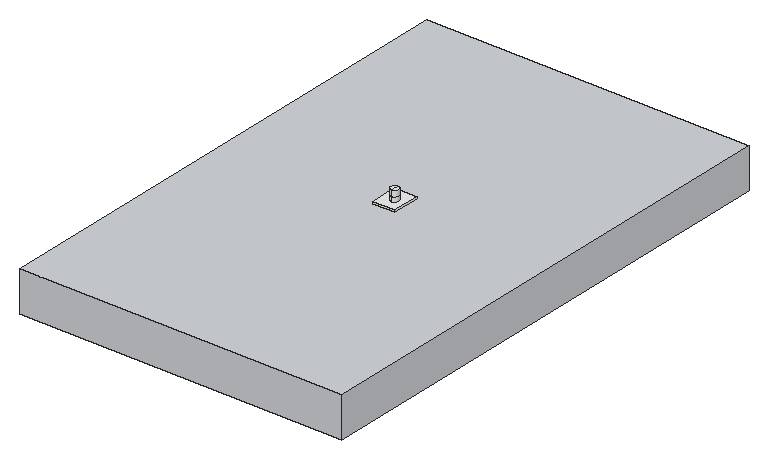
Revit family "Thermostatic_Trim-GROHE-Grohtherm_F-27620000", category Plumbing Fixtures, host Face, Revit 2014
Parameters (values of type "27620000")
  Width = 6 5/8"  # constant formula
  Waste Connection = no
  Warranty Documentation Link = "https://cdn.cloud.grohe.com/tpi/1000/1900/1940/1949/1949006/original/1949006.pdf"
  WFU = 4  # constant formula
  Vent Connection = no
  URL = "https://www.grohe.com"
  Type Comments = ""
  Tempered Connection Radius = Tempered Connection Diameter / 2  # 1/4"
  Tempered Connection Diameter = Hot Water Connection Diameter  # 1/2"
  Product Page URL = "https://www.grohe.us/en_us/grohtherm-f-thermostatic-trim-with-temperature-control-module-27620000.html"
  Price = "Prices may vary. Please consult Manufacturer Representative for most up-to-date price list."  # constant formula
  Model = "27620000"
  Material = "Metal-Grohe-000-Chrome"
  Manufacturer = "Grohe"
  Length = 3 7/16"  # constant formula
  Installation Type = "Wall Mounted"
  Hot Water Connection Radius = Hot Water Connection Diameter / 2  # 1/4"
  Hot Water Connection Diameter = Cold Water Connection Diameter  # 1/2"
  Height = 40"
  HWFU = 3  # constant formula
  HW Connection = yes
  Flow Rate = "14 gpm at 45 psi"  # constant formula
  Finish = Metal-Grohe-000-Chrome
  Description = "Grohtherm F Thermostatic Trim with Temperature Control Module"  # constant formula
  Default Elevation = 44"  # constant formula
  Creation Date = "06/30/2017"  # constant formula
  Cold Water Connection Radius = 1/4"  # constant formula
  Cold Water Connection Diameter = Cold Water Connection Radius * 2  # 1/2"
  CWFU = 3  # constant formula
  CW Connection = yes
  Assembly Code = "D2010710"
Reference planes (in)
  plane 1 "Center (Front/Back)": y = 0
  plane 2: z = 0
  plane 3 "Center (Left/Right)": x = 0
  plane 4: y = 40
  plane 5: y = -18
  plane 6: y = -39
  plane 7: x = -1.21875
  plane 8: x = 1.21875
  plane 9: x = -3.34375
  plane 10: x = 3.34375
  plane 11: z = 0.375
  plane 12: z = 4
  plane 13: y = 1.96875
  plane 14: y = -1.96875
  plane 15: z = 3.38878
  plane 16: z = 0.8125
Forms (in)
  Extrusion 1, solid
    sketch origin (0, 0, 0) x (1, 0, 0) y (0, 1, 0)
      loop
        line (-48, 72) -> (-48, -79.70833) -> (48, -79.70833) -> (48, 72) -> (-48, 72)
    from 0 to -12
  Revolve 2, solid, material "Metal-Grohe-000-Chrome" <- "Finish"
    sketch origin (0, 0, 0) x (0, 1, 0) y (0, 0, 1)
      loop
        line (1.22146, 0.08696) -> (1.22146, 1.85193) -> (1.18503, 1.85193) -> (1.18503, 1.89482) -> (1.22146, 1.89482) -> (1.22146, 3.33058)
        arc (1.22146, 3.33058) -> (0.61281, 3.4061) -> (0, 3.43133) r 7.45471
        line (0, 3.43133) -> (0, 0.08696) -> (1.22146, 0.08696)
      axis (0, 3.43133) -> (0, 0.08696)
    angle from 0 to 360
  Extrusion 3, solid, material "Metal-Grohe-000-Chrome" <- "Finish"
    sketch origin (0, 0, 0) x (1, 0, 0) y (0, 1, 0)
      loop
        line (-3.34375, 4.03828) -> (-3.34375, -4.14922) -> (3.34375, -4.14922) -> (3.34375, 4.03828) -> (-3.34375, 4.03828)
    from 0 to 0.52581
  Extrusion 4, solid, material "Metal-Grohe-000-Chrome" <- "Finish"
    sketch origin (0, 0, 0) x (1, 0, 0) y (0, 0, 1)
      loop
        line (0.19181, 2.62) -> (-0.19086, 2.62)
        arc (-0.19086, 2.62) -> (-0.378, 2.43286) -> (-0.19086, 2.24571) r 0.18714
        line (-0.19086, 2.24571) -> (0.19181, 2.24571)
        arc (0.19181, 2.24571) -> (0.37895, 2.43286) -> (0.19181, 2.62) r 0.18714
    from -1.63774 to 0
  Extrusion 5, solid, material "Metal-Grohe-000-Chrome" <- "Finish"
    sketch origin (0, 0, 0) x (1, 0, 0) y (0, 1, 0)
      loop
        circle (-0.76932, 0) r 0.25
      loop
        circle (0.76932, 0) r 0.25
    from 0 to 0.0625
Cuts and joins
  joined: Revolve 2, Extrusion 3, Extrusion 4, Extrusion 5
Lines and regions (in)
  Masking region 1
    outline origin (0, 0, 0) x (1, 0, 0) y (0, 0, 1)
      loop
        line (3.34375, 0) -> (3.34375, 0.52581) -> (1.22146, 0.52581) -> (1.22146, 1.85193) -> (1.18503, 1.85193) -> (1.18503, 1.89482) -> (1.22146, 1.89482) -> (1.22146, 3.33058)
        arc (1.22146, 3.33058) -> (0, 3.43231) -> (-1.22146, 3.33058) r 7.38391
        line (-1.22146, 3.33058) -> (-1.22146, 1.89482) -> (-1.18503, 1.89482) -> (-1.18503, 1.85193) -> (-1.22146, 1.85193) -> (-1.22146, 0.52581) -> (-3.34375, 0.52581) -> (-3.34375, 0) -> (3.34375, 0)
  symbolic lines, detail levels medium+fine
    curve 1: line (1.22146, 0, 0.52581) -> (-1.22146, 0, 0.52581)
    curve 2: arc (0.19181, 0, 2.24571) -> (0.37895, 0, 2.43286) -> (0.19181, 0, 2.62) r 0.18714
    curve 3: line (0.19181, 0, 2.62) -> (-0.19086, 0, 2.62)
    curve 4: line (-0.19086, 0, 2.24571) -> (0.19181, 0, 2.24571)
    curve 5: arc (-0.19086, 0, 2.62) -> (-0.378, 0, 2.43286) -> (-0.19086, 0, 2.24571) r 0.18714
  symbolic lines, detail levels fine
    curve 6: line (1.18503, 0, 1.89482) -> (-1.18503, 0, 1.89482)
    curve 7: line (1.18503, 0, 1.85193) -> (-1.18503, 0, 1.85193)
Dimensions and locks (in)
  plane 1 "Center (Front/Back)" to plane 5 = 18"
  plane 5 to plane 6 = 21"
  plane 1 "Center (Front/Back)" to plane 4 = 40"
  plane 11 to level = 3/8"
  plane 12 to level = 4"
  level to plane 15 = 3.38878"
  plane 16 to level = 13/16"
  "Hot Water Connection Diameter": diameter of Extrusion 5 sketch curve
  "Cold Water Connection Diameter": diameter of Extrusion 5 sketch curve
  aligned and locked: plane 2 to Extrusion 1
  aligned and locked: level to Extrusion 1
Automatic sketch dimensions
  curve 3 to plane 3 "Center (Left/Right)" = 0.19086"
  plane 3 "Center (Left/Right)" to curve 3 = 0.19181"
  plane 15 to curve 4 = 1.14306"
  curve 5 to curve 5 = 0.18714"
  plane 7 to curve 6 = 0.03372"
  plane 7 to curve 7 = 0.03372"
  curve 1 to plane 7 = 0.00271"
  plane 8 to curve 7 = 0.03372"
  plane 8 to curve 6 = 0.03372"
  curve 1 to plane 8 = 0.00271"
  curve 6 to curve 2 = 0.35089"
  curve 7 to curve 6 = 0.04289"
  curve 1 to plane 16 = 0.28669"
  Extrusion 1 sketch curve to Extrusion 1 sketch curve = 96"
  Extrusion 1 sketch curve to Extrusion 1 sketch curve = 151.70833"
  Revolve 2 sketch curve to plane 1 "Center (Front/Back)" = 0"  (x2)
  Revolve 2 sketch curve to plane 13 = 0.78372"
  Revolve 2 sketch curve to Revolve 2 sketch curve = 0.03643"  (x2)
  Revolve 2 sketch curve to level = 4.02338"
  level to Revolve 2 sketch curve = 0.08696"
  plane 16 to Revolve 2 sketch curve = 1.03943"
  Revolve 2 sketch curve to Revolve 2 sketch curve = 0.04289"
  plane 15 to Revolve 2 sketch curve = 0.0582"
  plane 12 to Revolve 2 sketch curve = 1.99585"
  Revolve 2 sketch curve to Revolve 2 sketch curve = 0.35576"
  Extrusion 3 sketch curve to plane 9 = 0"
  Extrusion 3 sketch curve to plane 10 = 0"
  plane 14 to Extrusion 3 sketch curve = 2.18047"
  plane 13 to Extrusion 3 sketch curve = 2.06953"
  Extrusion 4 sketch curve to plane 3 "Center (Left/Right)" = 0.19086"
  plane 3 "Center (Left/Right)" to Extrusion 4 sketch curve = 0.19181"
  plane 15 to Extrusion 4 sketch curve = 1.14306"
  Extrusion 4 sketch curve to Extrusion 4 sketch curve = 0.18714"
  Masking region 1 sketch curve to level = 0"
  Masking region 1 sketch curve to plane 9 = 0"
  Masking region 1 sketch curve to plane 3 "Center (Left/Right)" = 0"
  plane 10 to Masking region 1 sketch curve = 0"
  Masking region 1 sketch curve to plane 7 = 0.00271"  (x2)
  plane 7 to Masking region 1 sketch curve = 0.03372"
  plane 8 to Masking region 1 sketch curve = 0.03372"
  Masking region 1 sketch curve to plane 8 = 0.00271"  (x2)
  Masking region 1 sketch curve to level = 3.9516"
  Masking region 1 sketch curve to plane 16 = 0.28669"  (x2)
  plane 16 to Masking region 1 sketch curve = 1.03943"  (x2)
  Masking region 1 sketch curve to Masking region 1 sketch curve = 0.04289"  (x2)
  plane 15 to Masking region 1 sketch curve = 0.0582"
  plane 1 "Center (Front/Back)" to Extrusion 5 sketch curve = 0"  (x2)
  plane 7 to Extrusion 5 sketch curve = 0.44943"
  plane 8 to Extrusion 5 sketch curve = 0.44943"
Connectors (in)
  piping at (-0.76932, 0, 0), diameter 0.5, driven by "Hot Water Connection Diameter"
    settings: on Extrusion 5, index 1, connector inside diameter 24", connector length 0", flow factor 0, pipe flow 0 GPM, pressure drop 0.00 psi, fitting loss kfactor 0, connector angle 0.00°, fixture units 0, engagement length 0", angle of deflection 0.00°, flow configuration 3, flow direction 1, fitting loss method 0, system type 19, joint type 0, gender type 0, connector reference index -1, connector utility 0, adjustable connector no, is connector primary yes, connector description "1/2\" NPT HW Inlet"
  piping at (0.76932, 0, 0), diameter 0.5, driven by "Cold Water Connection Diameter"
    settings: on Extrusion 5, index 2, connector inside diameter 24", connector length 0", flow factor 0, pipe flow 0 GPM, pressure drop 0.00 psi, fitting loss kfactor 0, connector angle 0.00°, fixture units 0, engagement length 0", angle of deflection 0.00°, flow configuration 3, flow direction 1, fitting loss method 0, system type 20, joint type 0, gender type 0, connector reference index -1, connector utility 0, adjustable connector no, is connector primary no, connector description "1/2\" NPT CW Inlet"
